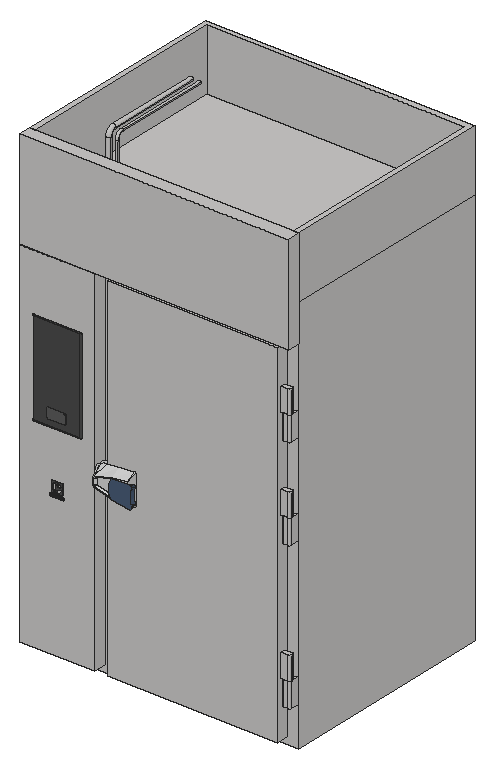
Revit family "QF_ELECTROLUXPROFESSIONAL_727823_EBCA22LRE", category Specialty Equipment, Revit 2018
Family settings
  Round Connector Dimension = Use Radius
  Part Type = Normal
  Work Plane-Based = No
  Always vertical = Yes
  Cut with Voids When Loaded = No
  Shared = Yes
  Room Calculation Point = No
Parameters
  Weight = 0.00 kg
  Watts = 0 W
  Volts = 380 V
  URL Manufacturer = "http://professional.electrolux.com"
  URL = "http://professional.electrolux.com"
  Steam Supply Size = 0"
  Steam Supply Minimum Pressure = 0.00 psi
  Steam Supply Maximum Pressure = 0.00 psi
  Steam Pounds per Hour = 0
  Show Logo [instance] = yes
  Refrigeration Suction Line Size = 0"
  Refrigeration Liquid Line Size = 0"
  Refrigerant Compressor Remote = yes
  Phase = 3
  Model = "EBCA22LRE"
  Manufacturer = "Electrolux"
  Length Actual = 1400 mm  # constant formula
  Item Number = "727823"
  Hot Water Size = 0"
  Height Actual = 2270 mm  # constant formula
  HP = "8.6 HP"
  Gas Size = 0"
  Gas KW = 0
  Gas Input Pressure = 0.0 Btu/h
  Direct Waste Size = 0"
  Description = "SKYLINE CHILLS BLAST CHILLER 150KG 20 GN 2/1 - REMOTE REFRIGERATING UNIT"
  Depth Actual = 1266 mm  # constant formula
  Cycle = 60 Hz
  Condensate Return Size = 0"
  Compressed Air Volume = 0 GPM
  Compressed Air Size = 0"
  Compressed Air Pressure = 0.00 psi
  Cold Water Size = 0"
  Assembly Code = ""
  Show Clearance [instance] = yes
  Accessory = yes
Reference planes
  plane 1 "BACK": y = 1
  plane 2: z = 0
  plane 3 "LEFT": x = 0
  plane 4 "RIGHT": x = 1400
  plane 5 "FRONT": y = -1205
  plane 6 "TOP": z = 2400
  plane 7 "Center Y": x = 700
  plane 8: y = -2155
  plane 9: y = -602
Forms (mm)
  Extrusion 1, solid, material "QF_Clearance", visible <- "Show Clearance", detail levels coarse
    sketch origin (0, 0, -70) x (1, 0, 0) y (0, 1, 0)
      loop
        line (0, -1205) -> (0, 1) -> (1400, 1) -> (1400, -1205) -> (1500, -1205) -> (1500, 101) -> (-100, 101) -> (-100, -1205) -> (0, -1205)
    from 70 to 2670
  Extrusion 2, solid, material "QF_Finishes_Stainless Steel"
    sketch origin (349.253, 33, 630.991) x (-1, 0, 0) y (0, -1, 0)
      loop
        line (349.253, 1172.759) -> (349.253, 1238) -> (-39.747, 1238) -> (-39.747, 1172.759) -> (349.253, 1172.759)
    from -597 to 1254
  Extrusion 3, solid, material "QF_Finishes_Stainless Steel"
    sketch origin (596.16, 27.971, -70) x (1, 0, 0) y (0, 1, 0)
      loop
        line (743.84, -1172.971) -> (-141.16, -1172.971) -> (-141.16, -1232.971) -> (743.84, -1232.971) -> (743.84, -1172.971)
    from 103.991 to 1945.25
  Extrusion 4, solid, material "QF_Door-Drawer Clearances", visible <- "Show Clearance", detail levels coarse
    sketch origin (875, -72.029, -91.802) x (-1, 0, 0) y (0, -1, 0)
      loop
        line (-465, 2025.971) -> (-465, 1132.971) -> (420, 1132.971)
        arc (420, 1132.971) -> (153.836, 1754.227) -> (-465, 2025.971) r 920
    from 125.793 to 1967.052
  Extrusion 5, solid, material "QF_Finishes_Stainless Steel"
    sketch origin (0, -1139.759, 0) x (0, 1, 0) y (-1, 0, 0)
      loop
        line (1140.759, 0) -> (0.759, 0) -> (0.759, -1400) -> (1140.759, -1400) -> (1140.759, 0)
    from 0 to 2080
  Extrusion 6, solid, material "QF_Finishes_Stainless Steel"
    sketch origin (0, 0, -70) x (0, 1, 0) y (0, 0, 1)
      loop
        line (-1139, 2470) -> (-1205, 2470) -> (-1205, 1956) -> (-1139, 1956) -> (-1139, 2470)
    from 0 to 1400
  Extrusion 7, solid, material "QF_Finishes_Stainless Steel"
    sketch origin (0, -1139.759, 2080) x (0, 1, 0) y (-1, 0, 0)
      loop
        line (1140.759, 0) -> (0.759, 0) -> (0.759, -27.807) -> (1112.952, -27.807) -> (1112.952, -1372.193) -> (0.759, -1372.193) -> (0.759, -1400) -> (1140.759, -1400) -> (1140.759, 0)
    from 0 to 320
  Extrusion 8, solid, material "QF_Clearance", visible <- "Show Clearance", detail levels coarse
    sketch origin (0, 0, 2400) x (-1, 0, 0) y (0, -1, 0)
      loop
        line (0, 1205) -> (-1400, 1205) -> (-1400, -1) -> (0, -1) -> (0, 1205)
    from 0 to 200
  Extrusion 9, solid, material "QF_Finishes_Stainless Steel"
    sketch origin (-390.239, -0.977, 1172.559) x (1, 0, 0) y (0, 1, 0)
      loop
        line (1730.239, -1159.557) -> (1730.239, -1186.759) -> (1771.078, -1186.759)
        arc (1771.078, -1186.759) -> (1778.149, -1183.83) -> (1781.078, -1176.759) r 10
        line (1781.078, -1176.759) -> (1781.078, -1169.557)
        arc (1781.078, -1169.557) -> (1778.149, -1162.486) -> (1771.078, -1159.557) r 10
        line (1771.078, -1159.557) -> (1730.239, -1159.557)
    from 398 to 516
  Extrusion 10, solid, material "QF_Finishes_Stainless Steel"
    sketch origin (-388.989, -0.977, 1172.559) x (1, 0, 0) y (0, 1, 0)
      loop
        line (1779.828, -1138.023) -> (1738.215, -1138.023) -> (1738.215, -1176.759)
        arc (1738.215, -1176.759) -> (1741.143, -1183.83) -> (1748.215, -1186.759) r 10
        line (1748.215, -1186.759) -> (1769.828, -1186.759)
        arc (1769.828, -1186.759) -> (1776.899, -1183.83) -> (1779.828, -1176.759) r 10
        line (1779.828, -1176.759) -> (1779.828, -1138.023)
    from 269 to 396
  Extrusion 11, solid, material "QF_Finishes_Handrails and Railings"
    sketch origin (0, -1205, -139.705) x (-1, 0, 0) y (0, 0, 1)
      loop
        arc (-455, 1022.346) -> (-433.392, 1027.289) -> (-413, 1035.976) r 124.815
        arc (-413, 1035.976) -> (-402.037, 1046.425) -> (-398, 1061.023) r 28.412
        line (-398, 1061.023) -> (-398, 1124.287)
        arc (-398, 1124.287) -> (-402.037, 1138.885) -> (-413, 1149.334) r 28.412
        arc (-413, 1149.334) -> (-433.392, 1158.021) -> (-455, 1162.964) r 124.815
        line (-455, 1162.964) -> (-455, 1022.346)
    from 0 to 25
  Extrusion 12, solid, material "QF_Finishes_Stainless Steel"
    sketch origin (0, 1, -70) x (1, 0, 0) y (0, 0, 1)
      loop
        circle (50.191, 2279.706) r 10
    from -2 to 0
  Extrusion 13, solid
    sketch origin (0, 0, -70) x (1, 0, 0) y (0, 1, 0)
      loop
        circle (271, -895) r 12.7
    from 180 to 190
  Sweep 14, solid, material "QF_Finishes_Stainless Steel"
    path in 3D
      loop
        line (196, -872.727, 2090) -> (196, -872.727, 2314.785)
        arc (196, -872.727, 2314.785) -> (196, -863.94, 2335.999) -> (196, -842.727, 2344.785) r 30
        line (196, -842.727, 2344.785) -> (196, -337, 2344.785)
    profile origin (196, -589.864, 2344.785) x (-1, 0, 0) y (0, 0, 1)
      loop
        circle (0, -0.785) r 11
  Sweep 15, solid, material "QF_Finishes_Stainless Steel"
    path in 3D
      loop
        line (239, -337, 2344) -> (239, -842.727, 2344)
        arc (239, -842.727, 2344) -> (239, -863.94, 2335.213) -> (239, -872.727, 2314) r 30
        line (239, -872.727, 2314) -> (239, -872.727, 2090)
    profile origin (239, -589.864, 2344) x (1, 0, 0) y (0, 0, 1)
      loop
        circle (0, 0) r 6
  Extrusion 16, solid, material "QF_Finishes_Stainless Steel"
    sketch origin (0, -1139.759, 2080) x (0, 1, 0) y (-1, 0, 0)
      loop
        line (272.791, -163.68) -> (262.791, -163.68)
        arc (262.791, -163.68) -> (252.185, -168.074) -> (247.791, -178.68) r 15
        line (247.791, -178.68) -> (247.791, -270.358)
        arc (247.791, -270.358) -> (252.185, -280.965) -> (262.791, -285.358) r 15
        line (262.791, -285.358) -> (272.791, -285.358)
        arc (272.791, -285.358) -> (283.398, -280.965) -> (287.791, -270.358) r 15
        line (287.791, -270.358) -> (287.791, -178.68)
        arc (287.791, -178.68) -> (283.398, -168.074) -> (272.791, -163.68) r 15
    from 0 to 10
  Blend 17, solid, material "QF_Finishes_Handrails and Railings"
    base sketch origin (0, -1205, -139.705) x (1, 0, 0) y (0, 0, 1)
      loop
        arc (455, 1162.964) -> (433.392, 1158.021) -> (413, 1149.334) r 124.815
        arc (413, 1149.334) -> (402.037, 1138.885) -> (398, 1124.287) r 28.412
        line (398, 1124.287) -> (398, 1061.023)
        arc (398, 1061.023) -> (402.037, 1046.425) -> (413, 1035.976) r 28.412
        arc (413, 1035.976) -> (433.392, 1027.289) -> (455, 1022.346) r 124.815
        arc (455, 1022.346) -> (524.77, 1014.896) -> (594.859, 1011.587) r 1185.63
        arc (594.859, 1011.587) -> (600.607, 1013.879) -> (603, 1019.586) r 8
        line (603, 1019.586) -> (603, 1165.724)
        arc (603, 1165.724) -> (600.607, 1171.431) -> (594.859, 1173.723) r 8
        arc (594.859, 1173.723) -> (524.77, 1170.414) -> (455, 1162.964) r 1185.63
    top sketch origin (0, -1205, -139.705) x (1, 0, 0) y (0, 0, 1)
      loop
        line (421, 1108.337) -> (421, 1076.973)
        arc (421, 1076.973) -> (423.295, 1069.915) -> (429.302, 1065.557) r 12
        arc (429.302, 1065.557) -> (515.086, 1044.22) -> (603, 1034.974) r 636.459
        line (603, 1034.974) -> (603, 1150.336)
        arc (603, 1150.336) -> (515.086, 1141.09) -> (429.302, 1119.753) r 636.459
        arc (429.302, 1119.753) -> (423.295, 1115.395) -> (421, 1108.337) r 12
    from 0 to 50
  Blend 18, void
    base sketch origin (0, -1255, -139.705) x (-1, 0, 0) y (0, 0, 1)
      loop
        arc (-430.843, 1114.996) -> (-515.866, 1136.151) -> (-603, 1145.333) r 631.459
        line (-603, 1145.333) -> (-603, 1039.977)
        arc (-603, 1039.977) -> (-515.866, 1049.159) -> (-430.843, 1070.314) r 631.459
        arc (-430.843, 1070.314) -> (-427.339, 1072.856) -> (-426, 1076.973) r 7
        line (-426, 1076.973) -> (-426, 1108.337)
        arc (-426, 1108.337) -> (-427.339, 1112.454) -> (-430.843, 1114.996) r 7
    top sketch origin (0, -1255, -139.705) x (-1, 0, 0) y (0, 0, 1)
      loop
        arc (-432.384, 1110.24) -> (-516.647, 1131.211) -> (-603, 1140.33) r 626.459
        line (-603, 1140.33) -> (-603, 1044.98)
        arc (-603, 1044.98) -> (-516.647, 1054.099) -> (-432.384, 1075.07) r 626.459
        arc (-432.384, 1075.07) -> (-431.382, 1075.797) -> (-431, 1076.973) r 2
        line (-431, 1076.973) -> (-431, 1108.337)
        arc (-431, 1108.337) -> (-431.382, 1109.513) -> (-432.384, 1110.24) r 2
    from 0 to 10
  Blend 19, solid, material "QF_Finishes_Electrolux_Blue"
    base sketch origin (0, -1245, -139.705) x (1, 0, 0) y (0, 0, 1)
      loop
        arc (628.567, 1043.419) -> (622.014, 1092.655) -> (628.567, 1141.89) r 188.232
        arc (628.567, 1141.89) -> (627.358, 1147.991) -> (621.77, 1150.721) r 7
        arc (621.77, 1150.721) -> (572.304, 1148.509) -> (523.16, 1142.458) r 636.459
        arc (523.16, 1142.458) -> (507.711, 1092.655) -> (523.16, 1042.852) r 88
        arc (523.16, 1042.852) -> (572.304, 1036.801) -> (621.77, 1034.589) r 636.459
        arc (621.77, 1034.589) -> (627.358, 1037.319) -> (628.567, 1043.419) r 7
    top sketch origin (0, -1245, -139.705) x (1, 0, 0) y (0, 0, 1)
      loop
        arc (626.748, 1050.703) -> (622.014, 1092.655) -> (626.748, 1134.607) r 188.232
        arc (626.748, 1134.607) -> (625.775, 1138.85) -> (621.845, 1140.722) r 5
        arc (621.845, 1140.722) -> (569.023, 1138.185) -> (516.603, 1131.203) r 626.459
        arc (516.603, 1131.203) -> (507.711, 1092.655) -> (516.603, 1054.107) r 88
        arc (516.603, 1054.107) -> (569.023, 1047.124) -> (621.845, 1044.588) r 626.459
        arc (621.845, 1044.588) -> (625.775, 1046.46) -> (626.748, 1050.703) r 5
    from 20 to 0
  Extrusion 20, solid, material "QF_Finishes_Stainless Steel"
    sketch origin (-390.239, -0.977, 692.559) x (1, 0, 0) y (0, 1, 0)
      loop
        line (1730.239, -1159.557) -> (1730.239, -1186.759) -> (1771.078, -1186.759)
        arc (1771.078, -1186.759) -> (1778.149, -1183.83) -> (1781.078, -1176.759) r 10
        line (1781.078, -1176.759) -> (1781.078, -1169.557)
        arc (1781.078, -1169.557) -> (1778.149, -1162.486) -> (1771.078, -1159.557) r 10
        line (1771.078, -1159.557) -> (1730.239, -1159.557)
    from 398 to 516
  Extrusion 21, solid, material "QF_Finishes_Stainless Steel"
    sketch origin (-388.989, -0.977, 692.559) x (1, 0, 0) y (0, 1, 0)
      loop
        line (1779.828, -1138.023) -> (1738.215, -1138.023) -> (1738.215, -1176.759)
        arc (1738.215, -1176.759) -> (1741.143, -1183.83) -> (1748.215, -1186.759) r 10
        line (1748.215, -1186.759) -> (1769.828, -1186.759)
        arc (1769.828, -1186.759) -> (1776.899, -1183.83) -> (1779.828, -1176.759) r 10
        line (1779.828, -1176.759) -> (1779.828, -1138.023)
    from 269 to 396
  Extrusion 22, solid, material "QF_Finishes_Stainless Steel"
    sketch origin (-390.239, -0.977, -67.441) x (1, 0, 0) y (0, 1, 0)
      loop
        line (1730.239, -1159.557) -> (1730.239, -1186.759) -> (1771.078, -1186.759)
        arc (1771.078, -1186.759) -> (1778.149, -1183.83) -> (1781.078, -1176.759) r 10
        line (1781.078, -1176.759) -> (1781.078, -1169.557)
        arc (1781.078, -1169.557) -> (1778.149, -1162.486) -> (1771.078, -1159.557) r 10
        line (1771.078, -1159.557) -> (1730.239, -1159.557)
    from 398 to 516
  Extrusion 23, solid, material "QF_Finishes_Stainless Steel"
    sketch origin (-388.989, -0.977, -67.441) x (1, 0, 0) y (0, 1, 0)
      loop
        line (1779.828, -1138.023) -> (1738.215, -1138.023) -> (1738.215, -1176.759)
        arc (1738.215, -1176.759) -> (1741.143, -1183.83) -> (1748.215, -1186.759) r 10
        line (1748.215, -1186.759) -> (1769.828, -1186.759)
        arc (1769.828, -1186.759) -> (1776.899, -1183.83) -> (1779.828, -1176.759) r 10
        line (1779.828, -1176.759) -> (1779.828, -1138.023)
    from 269 to 396
  Extrusion 24, solid, material "QF_Door-Drawer Clearances", visible <- "Show Clearance", detail levels coarse
    sketch origin (167.029, -1956.84, -70) x (0, 1, 0) y (-1, 0, 0)
      loop
        line (751.84, -1172.971) -> (-141.16, -1172.971) -> (-141.16, -1232.971) -> (751.84, -1232.971) -> (751.84, -1172.971)
    from 103.991 to 1945.25
  Extrusion 25, solid, material "QF_Door-Drawer Clearances", visible <- "Show Clearance", detail levels coarse
    sketch origin (1400, -2553, -139.705) x (0, -1, 0) y (0, 0, 1)
      loop
        arc (-455, 1022.346) -> (-433.392, 1027.289) -> (-413, 1035.976) r 124.815
        arc (-413, 1035.976) -> (-402.037, 1046.425) -> (-398, 1061.023) r 28.412
        line (-398, 1061.023) -> (-398, 1124.287)
        arc (-398, 1124.287) -> (-402.037, 1138.885) -> (-413, 1149.334) r 28.412
        arc (-413, 1149.334) -> (-433.392, 1158.021) -> (-455, 1162.964) r 124.815
        line (-455, 1162.964) -> (-455, 1022.346)
    from 0 to 25
  Blend 26, solid, material "QF_Door-Drawer Clearances", visible <- "Show Clearance", detail levels coarse
    base sketch origin (1400, -2553, -139.705) x (0, 1, 0) y (0, 0, 1)
      loop
        arc (455, 1162.964) -> (433.392, 1158.021) -> (413, 1149.334) r 124.815
        arc (413, 1149.334) -> (402.037, 1138.885) -> (398, 1124.287) r 28.412
        line (398, 1124.287) -> (398, 1061.023)
        arc (398, 1061.023) -> (402.037, 1046.425) -> (413, 1035.976) r 28.412
        arc (413, 1035.976) -> (433.392, 1027.289) -> (455, 1022.346) r 124.815
        arc (455, 1022.346) -> (524.77, 1014.896) -> (594.859, 1011.587) r 1185.63
        arc (594.859, 1011.587) -> (600.607, 1013.879) -> (603, 1019.586) r 8
        line (603, 1019.586) -> (603, 1165.724)
        arc (603, 1165.724) -> (600.607, 1171.431) -> (594.859, 1173.723) r 8
        arc (594.859, 1173.723) -> (524.77, 1170.414) -> (455, 1162.964) r 1185.63
    top sketch origin (1400, -2553, -139.705) x (0, 1, 0) y (0, 0, 1)
      loop
        line (421, 1108.337) -> (421, 1076.973)
        arc (421, 1076.973) -> (423.295, 1069.915) -> (429.302, 1065.557) r 12
        arc (429.302, 1065.557) -> (515.086, 1044.22) -> (603, 1034.974) r 636.459
        line (603, 1034.974) -> (603, 1150.336)
        arc (603, 1150.336) -> (515.086, 1141.09) -> (429.302, 1119.753) r 636.459
        arc (429.302, 1119.753) -> (423.295, 1115.395) -> (421, 1108.337) r 12
    from 0 to 50
  Blend 27, void
    base sketch origin (1450, -2553, -139.705) x (0, -1, 0) y (0, 0, 1)
      loop
        arc (-430.843, 1114.996) -> (-515.866, 1136.151) -> (-603, 1145.333) r 631.459
        line (-603, 1145.333) -> (-603, 1039.977)
        arc (-603, 1039.977) -> (-515.866, 1049.159) -> (-430.843, 1070.314) r 631.459
        arc (-430.843, 1070.314) -> (-427.339, 1072.856) -> (-426, 1076.973) r 7
        line (-426, 1076.973) -> (-426, 1108.337)
        arc (-426, 1108.337) -> (-427.339, 1112.454) -> (-430.843, 1114.996) r 7
    top sketch origin (1450, -2553, -139.705) x (0, -1, 0) y (0, 0, 1)
      loop
        arc (-432.384, 1110.24) -> (-516.647, 1131.211) -> (-603, 1140.33) r 626.459
        line (-603, 1140.33) -> (-603, 1044.98)
        arc (-603, 1044.98) -> (-516.647, 1054.099) -> (-432.384, 1075.07) r 626.459
        arc (-432.384, 1075.07) -> (-431.382, 1075.797) -> (-431, 1076.973) r 2
        line (-431, 1076.973) -> (-431, 1108.337)
        arc (-431, 1108.337) -> (-431.382, 1109.513) -> (-432.384, 1110.24) r 2
    from 0 to 10
  Blend 28, solid, material "QF_Door-Drawer Clearances", visible <- "Show Clearance", detail levels coarse
    base sketch origin (1440, -2553, -139.705) x (0, 1, 0) y (0, 0, 1)
      loop
        arc (628.567, 1043.419) -> (622.014, 1092.655) -> (628.567, 1141.89) r 188.232
        arc (628.567, 1141.89) -> (627.358, 1147.991) -> (621.77, 1150.721) r 7
        arc (621.77, 1150.721) -> (572.304, 1148.509) -> (523.16, 1142.458) r 636.459
        arc (523.16, 1142.458) -> (507.711, 1092.655) -> (523.16, 1042.852) r 88
        arc (523.16, 1042.852) -> (572.304, 1036.801) -> (621.77, 1034.589) r 636.459
        arc (621.77, 1034.589) -> (627.358, 1037.319) -> (628.567, 1043.419) r 7
    top sketch origin (1440, -2553, -139.705) x (0, 1, 0) y (0, 0, 1)
      loop
        arc (626.748, 1050.703) -> (622.014, 1092.655) -> (626.748, 1134.607) r 188.232
        arc (626.748, 1134.607) -> (625.775, 1138.85) -> (621.845, 1140.722) r 5
        arc (621.845, 1140.722) -> (569.023, 1138.185) -> (516.603, 1131.203) r 626.459
        arc (516.603, 1131.203) -> (507.711, 1092.655) -> (516.603, 1054.107) r 88
        arc (516.603, 1054.107) -> (569.023, 1047.124) -> (621.845, 1044.588) r 626.459
        arc (621.845, 1044.588) -> (625.775, 1046.46) -> (626.748, 1050.703) r 5
    from 20 to -1
Cuts and joins
  Blend 18 cuts Blend 17
  joined: Extrusion 11, Blend 17
  Blend 18 cuts Extrusion 4
  Blend 27 cuts Blend 26
  Blend 27 cuts Blend 28
  joined: Extrusion 4, Extrusion 24, Extrusion 25, Blend 26, Blend 28
  joined: Extrusion 7, Extrusion 12
  joined: Extrusion 5, Extrusion 10, Sweep 14, Sweep 15, Extrusion 16, Extrusion 21, Extrusion 23
  joined: Extrusion 3, Extrusion 9, Extrusion 20, Extrusion 22
  joined: Extrusion 1, Extrusion 8
Lines and regions (mm)
  symbolic lines, style "QF-Clearances", visible <- "Show Clearance", detail levels coarse
    curve 1: line (-100, -1204.241, 70) -> (-100, 101, 70)
    curve 2: line (-100, 101, 70) -> (1500, 101, 70)
    curve 3: line (1500, 101, 70) -> (1500, -1204.241, 70)
  symbolic lines
    curve 4: line (185, -336.968, 70) -> (207, -336.968, 70)
    curve 5: line (207, -336.968, 70) -> (207, -871.942, 70)
    curve 6: line (233, -872.727, 70) -> (233, -337, 70)
    curve 7: line (233, -337, 70) -> (245, -337, 70)
    curve 8: line (245, -337, 70) -> (245, -872.727, 70)
    curve 9: line (245, -851.968, 70) -> (270.358, -851.968, 70)
    curve 10: arc (285.358, -866.968, 70) -> (280.965, -856.361, 70) -> (270.358, -851.968, 70) r 15
    curve 11: line (285.358, -876.968, 70) -> (285.358, -866.968, 70)
    curve 12: arc (270.358, -891.968, 70) -> (280.965, -887.575, 70) -> (285.358, -876.968, 70) r 15
    curve 13: line (178.68, -891.968, 70) -> (270.358, -891.968, 70)
    curve 14: arc (163.68, -876.968, 70) -> (168.074, -887.575, 70) -> (178.68, -891.968, 70) r 15
    curve 15: line (163.68, -866.968, 70) -> (163.68, -876.968, 70)
    curve 16: arc (178.68, -851.968, 70) -> (168.074, -856.361, 70) -> (163.68, -866.968, 70) r 15
    curve 17: arc (207, -871.942, 70) -> (196, -882.942, 70) -> (185, -871.942, 70) r 11
    curve 18: arc (233, -872.727, 70) -> (239, -878.727, 70) -> (245, -872.727, 70) r 6
    curve 19: line (178.68, -851.968, 70) -> (185, -851.968, 70)
    curve 20: line (185, -336.968, 70) -> (185, -871.942, 70)
    curve 21: line (207, -851.968, 70) -> (233, -851.968, 70)
    curve 22: line (0, 1, 70) -> (1400, 1, 70)
    curve 23: line (0, -1205, 70) -> (0, 1, 70)
    curve 24: line (1400, -1205, 70) -> (0, -1205, 70)
    curve 25: line (1400, 1, 70) -> (1400, -1205, 70)
    curve 26: line (27.807, -26.807, 70) -> (1372.193, -26.807, 70)
    curve 27: line (27.807, -1139, 70) -> (27.807, -26.807, 70)
    curve 28: line (1400, -1139, 70) -> (0, -1139, 70)
    curve 29: line (1372.193, -26.807, 70) -> (1372.193, -1139, 70)
    curve 30: line (75.5, -1210, 70) -> (313.5, -1210, 70)
    curve 31: line (75.5, -1210, 70) -> (67.5, -1205, 70)
    curve 32: line (313.5, -1210, 70) -> (321.5, -1205, 70)
    curve 33: line (421, -1255, 70) -> (398, -1205, 70)
    curve 34: line (421, -1255, 70) -> (603, -1255, 70)
    curve 35: line (603, -1255, 70) -> (603, -1205, 70)
    curve 36: line (603, -1245, 70) -> (626.748, -1245, 70)
    curve 37: line (626.748, -1245, 70) -> (628.811, -1265, 70)
    curve 38: line (628.811, -1265, 70) -> (507.711, -1265, 70)
    curve 39: line (507.711, -1265, 70) -> (507.711, -1255, 70)
  symbolic lines, style "QF_Door-Drawer Clearances", visible <- "Show Clearance"
    curve 40: line (1450, -2132, 70) -> (1400, -2155, 70)
    curve 41: line (1450, -2132, 70) -> (1450, -1950, 70)
    curve 42: line (1450, -1950, 70) -> (1400, -1950, 70)
    curve 43: line (1439, -1950, 70) -> (1439, -1926.126, 70)
    curve 44: line (1439, -1926.126, 70) -> (1460, -1924.189, 70)
    curve 45: line (1460, -1924.189, 70) -> (1460, -2045.289, 70)
    curve 46: line (1460, -2045.289, 70) -> (1450, -2045.289, 70)
    curve 47: line (1375, -2098, 70) -> (1375, -2155, 70)
    curve 48: line (1340, -2098, 70) -> (1400, -2098, 70)
    curve 49: arc (457.796, -1255, 70) -> (739.031, -1843.801, 70) -> (1340, -2098, 70) r 920
    curve 50: line (1400, -2155, 70) -> (1375, -2155, 70)
    curve 51: line (1400, -2098, 70) -> (1400, -1205, 70)
    curve 58: line (1340, -2098, 70) -> (1340, -1205, 70)
  sketch lines
    curve 52: line (196, -842.727, 2344.785) -> (196, -337, 2344.785)
    curve 53: arc (196, -872.727, 2314.785) -> (196, -863.94, 2335.999) -> (196, -842.727, 2344.785) r 30
    curve 54: line (196, -872.727, 2090) -> (196, -872.727, 2314.785)
    curve 55: line (239, -337, 2344) -> (239, -842.727, 2344)
    curve 56: arc (239, -842.727, 2344) -> (239, -863.94, 2335.213) -> (239, -872.727, 2314) r 30
    curve 57: line (239, -872.727, 2314) -> (239, -872.727, 2090)
Dimensions and locks
  plane 5 "FRONT" to plane 1 "BACK" = 1206 mm
  plane 6 "TOP" to level = 2400 mm
  plane 4 "RIGHT" to plane 3 "LEFT" = 1400 mm
  plane 3 "LEFT" to plane 4 "RIGHT" = 1400 mm
  equal spacing: plane 3 "LEFT", plane 7 "Center Y", plane 4 "RIGHT"
  plane 1 "BACK" to plane 5 "FRONT" = 1206 mm
  aligned and locked: level to plane 2
Automatic sketch dimensions
  plane 5 "FRONT" to Extrusion 1 sketch curve = 0 mm  (x2)
  Extrusion 1 sketch curve to plane 3 "LEFT" = 0 mm
  plane 1 "BACK" to Extrusion 1 sketch curve = 0 mm
  Extrusion 1 sketch curve to plane 4 "RIGHT" = 0 mm
  Extrusion 1 sketch curve to plane 3 "LEFT" = 100 mm
  plane 4 "RIGHT" to Extrusion 1 sketch curve = 100 mm
  Extrusion 1 sketch curve to plane 1 "BACK" = 100 mm
  plane 5 "FRONT" to Extrusion 2 sketch curve = 0 mm
  Extrusion 2 sketch curve to plane 3 "LEFT" = 0 mm
  Extrusion 2 sketch curve to plane 5 "FRONT" = 65.241 mm
  plane 5 "FRONT" to Extrusion 3 sketch curve = 0 mm
  Extrusion 3 sketch curve to plane 5 "FRONT" = 60 mm
  Extrusion 3 sketch curve to plane 4 "RIGHT" = 60 mm
  plane 5 "FRONT" to Extrusion 4 sketch curve = 0 mm
  Extrusion 4 sketch curve to plane 4 "RIGHT" = 25.377 mm
  Extrusion 4 sketch curve to Extrusion 4 sketch curve = 34.623 mm
  Extrusion 4 sketch curve to plane 5 "FRONT" = 26.348 mm
  Extrusion 5 sketch curve to plane 3 "LEFT" = 0 mm
  Extrusion 5 sketch curve to plane 4 "RIGHT" = 0 mm
  plane 1 "BACK" to Extrusion 5 sketch curve = 0 mm
  Extrusion 5 sketch curve to plane 5 "FRONT" = 66 mm
  Extrusion 6 sketch curve to plane 5 "FRONT" = 0 mm
  Extrusion 6 sketch curve to plane 5 "FRONT" = 66 mm
  Extrusion 6 sketch curve to plane 6 "TOP" = 514 mm
  plane 6 "TOP" to Extrusion 6 sketch curve = 0 mm
  Extrusion 5 to Extrusion 7 sketch curve = 0 mm
  Extrusion 7 sketch curve to Extrusion 5 = 0 mm  (x4)
  Extrusion 7 sketch curve to Extrusion 5 = 27.807 mm  (x3)
  Extrusion 8 sketch curve to plane 4 "RIGHT" = 0 mm
  plane 1 "BACK" to Extrusion 8 sketch curve = 0 mm
  Extrusion 8 sketch curve to plane 3 "LEFT" = 0 mm
  plane 5 "FRONT" to Extrusion 8 sketch curve = 0 mm
  Extrusion 9 sketch curve to plane 5 "FRONT" = 17.264 mm
  Extrusion 9 sketch curve to plane 4 "RIGHT" = 60 mm
  Extrusion 9 sketch curve to plane 4 "RIGHT" = 19.161 mm
  Extrusion 9 sketch curve to Extrusion 9 sketch curve = 0 mm
  Extrusion 9 sketch curve to plane 4 "RIGHT" = 9.161 mm
  Extrusion 9 sketch curve to Extrusion 9 sketch curve = 7.202 mm
  Extrusion 10 sketch curve to plane 5 "FRONT" = 27.264 mm
  Extrusion 10 sketch curve to plane 4 "RIGHT" = 50.775 mm
  Extrusion 10 sketch curve to Extrusion 10 sketch curve = 10 mm
  Extrusion 10 sketch curve to plane 4 "RIGHT" = 19.161 mm
  Extrusion 10 sketch curve to plane 4 "RIGHT" = 9.161 mm
  Extrusion 10 sketch curve to Extrusion 10 sketch curve = 38.736 mm
  plane 7 "Center Y" to Extrusion 11 sketch curve = 228.081 mm
  Extrusion 11 sketch curve to Extrusion 11 sketch curve = 0 mm
  Extrusion 11 sketch curve to Extrusion 11 sketch curve = 16.919 mm
  Extrusion 11 sketch curve to Extrusion 11 sketch curve = 28.588 mm  (x2)
  Extrusion 11 sketch curve to Extrusion 11 sketch curve = 28.412 mm
  level to Extrusion 11 sketch curve = 882.641 mm
  Extrusion 11 sketch curve to Extrusion 11 sketch curve = 16.954 mm  (x2)
  Extrusion 11 sketch curve to Extrusion 11 sketch curve = 38.676 mm
  Extrusion 11 sketch curve to Extrusion 11 sketch curve = 63.265 mm
  Extrusion 11 sketch curve to Extrusion 11 sketch curve = 21.722 mm
  plane 3 "LEFT" to Extrusion 12 sketch curve = 50.191 mm
  Extrusion 12 sketch curve to plane 6 "TOP" = 190.294 mm
  Extrusion 13 sketch curve to plane 9 = 293 mm
  Sweep 14 sketch curve to profile plane = 0 mm
  Sweep 14 sketch curve to profile plane = 0.785 mm
  profile plane to Sweep 15 sketch curve = 0 mm
  Sweep 15 sketch curve to profile plane = 0 mm
  Extrusion 16 sketch curve to Extrusion 5 = 247.032 mm
  Extrusion 16 sketch curve to Extrusion 16 sketch curve = 15 mm  (x3)
  Extrusion 16 sketch curve to Extrusion 16 sketch curve = 10 mm  (x2)
  Extrusion 16 sketch curve to Extrusion 5 = 285.358 mm
  Extrusion 16 sketch curve to Extrusion 16 sketch curve = 91.678 mm
  Blend 17 sketch curve to Extrusion 11 = 0 mm  (x4)
  Blend 17 sketch curve to Extrusion 11 = 28.412 mm
  Blend 17 sketch curve to Blend 17 sketch curve = 123.081 mm  (x2)
  Blend 17 sketch curve to Blend 17 sketch curve = 8 mm
  Extrusion 11 to Blend 17 sketch curve = 160.712 mm  (x2)
  Blend 17 sketch curve to Blend 17 sketch curve = 19.715 mm  (x2)
  Blend 17 sketch curve to Blend 17 sketch curve = 38.676 mm
  Blend 17 sketch curve to Extrusion 11 = 23 mm
  Blend 17 sketch curve to Blend 17 sketch curve = 12 mm  (x2)
  Extrusion 11 to Blend 17 sketch curve = 148 mm
  Extrusion 11 to Blend 17 sketch curve = 170.45 mm  (x2)
  Blend 17 sketch curve to Blend 17 sketch curve = 520.701 mm  (x2)
  Blend 17 sketch curve to Blend 17 sketch curve = 41.999 mm
  Blend 17 sketch curve to Blend 17 sketch curve = 31.364 mm
  Blend 17 sketch curve to Blend 17 sketch curve = 115.362 mm
  Blend 17 to Blend 18 sketch curve = 0 mm  (x2)
  Blend 18 sketch curve to Blend 18 sketch curve = 7 mm
  Blend 18 sketch curve to Blend 18 sketch curve = 31.364 mm  (x2)
  Blend 18 sketch curve to Blend 18 sketch curve = 2 mm
  Blend 18 to Blend 19 sketch curve = 18.811 mm  (x2)
  Blend 19 sketch curve to Blend 18 = 7.289 mm  (x2)
  Blend 19 sketch curve to Blend 19 sketch curve = 188.435 mm
  Blend 19 sketch curve to Blend 19 sketch curve = 7 mm  (x2)
  Blend 19 sketch curve to Blend 19 sketch curve = 51.066 mm  (x2)
  Blend 19 sketch curve to Blend 19 sketch curve = 0 mm  (x6)
  Blend 19 sketch curve to Blend 18 = 79.84 mm
  Blend 18 to Blend 19 sketch curve = 18.874 mm  (x2)
  Blend 19 sketch curve to Blend 19 sketch curve = 188.371 mm
  Blend 19 sketch curve to Blend 19 sketch curve = 5 mm  (x2)
  Blend 19 sketch curve to Blend 19 sketch curve = 43.067 mm  (x2)
  Blend 19 sketch curve to Blend 18 = 85.603 mm
  Extrusion 20 sketch curve to plane 5 "FRONT" = 17.264 mm
  Extrusion 20 sketch curve to plane 4 "RIGHT" = 60 mm
  Extrusion 20 sketch curve to plane 4 "RIGHT" = 19.161 mm
  Extrusion 20 sketch curve to Extrusion 20 sketch curve = 0 mm
  Extrusion 20 sketch curve to plane 4 "RIGHT" = 9.161 mm
  Extrusion 20 sketch curve to Extrusion 20 sketch curve = 7.202 mm
  Extrusion 21 sketch curve to plane 5 "FRONT" = 27.264 mm
  Extrusion 21 sketch curve to plane 4 "RIGHT" = 50.775 mm
  Extrusion 21 sketch curve to Extrusion 21 sketch curve = 10 mm
  Extrusion 21 sketch curve to plane 4 "RIGHT" = 19.161 mm
  Extrusion 21 sketch curve to plane 4 "RIGHT" = 9.161 mm
  Extrusion 21 sketch curve to Extrusion 21 sketch curve = 38.736 mm
  Extrusion 22 sketch curve to plane 5 "FRONT" = 17.264 mm
  Extrusion 22 sketch curve to plane 4 "RIGHT" = 60 mm
  Extrusion 22 sketch curve to plane 4 "RIGHT" = 19.161 mm
  Extrusion 22 sketch curve to Extrusion 22 sketch curve = 0 mm
  Extrusion 22 sketch curve to plane 4 "RIGHT" = 9.161 mm
  Extrusion 22 sketch curve to Extrusion 22 sketch curve = 7.202 mm
  Extrusion 23 sketch curve to plane 5 "FRONT" = 27.264 mm
  Extrusion 23 sketch curve to plane 4 "RIGHT" = 50.775 mm
  Extrusion 23 sketch curve to Extrusion 23 sketch curve = 10 mm
  Extrusion 23 sketch curve to plane 4 "RIGHT" = 19.161 mm
  Extrusion 23 sketch curve to plane 4 "RIGHT" = 9.161 mm
  Extrusion 23 sketch curve to Extrusion 23 sketch curve = 38.736 mm
  Extrusion 24 sketch curve to plane 4 "RIGHT" = 0 mm
  plane 5 "FRONT" to Extrusion 24 sketch curve = 0 mm
  Extrusion 24 sketch curve to plane 8 = 57 mm
  Extrusion 24 sketch curve to plane 4 "RIGHT" = 60 mm
  Extrusion 25 sketch curve to plane 8 = 0 mm
  Extrusion 25 sketch curve to Extrusion 25 sketch curve = 28.412 mm  (x2)
  Extrusion 25 sketch curve to Extrusion 25 sketch curve = 28.588 mm
  Extrusion 25 sketch curve to Extrusion 25 sketch curve = 16.919 mm  (x2)
  level to Extrusion 25 sketch curve = 882.641 mm
  Extrusion 25 sketch curve to Extrusion 25 sketch curve = 16.954 mm  (x2)
  Extrusion 25 sketch curve to Extrusion 25 sketch curve = 38.676 mm
  Extrusion 25 sketch curve to Extrusion 25 sketch curve = 63.265 mm
  Extrusion 25 sketch curve to Extrusion 25 sketch curve = 21.722 mm
  Blend 26 sketch curve to Extrusion 25 = 0 mm  (x4)
  Blend 26 sketch curve to Extrusion 25 = 28.412 mm
  Blend 26 sketch curve to Blend 26 sketch curve = 123.081 mm  (x2)
  Blend 26 sketch curve to Blend 26 sketch curve = 8 mm
  Extrusion 25 to Blend 26 sketch curve = 160.712 mm  (x2)
  Blend 26 sketch curve to Blend 26 sketch curve = 19.715 mm  (x2)
  Blend 26 sketch curve to Blend 26 sketch curve = 38.676 mm
  Blend 26 sketch curve to Extrusion 25 = 23 mm
  Blend 26 sketch curve to Blend 26 sketch curve = 12 mm  (x2)
  Extrusion 25 to Blend 26 sketch curve = 148 mm
  Extrusion 25 to Blend 26 sketch curve = 170.45 mm  (x2)
  Blend 26 sketch curve to Blend 26 sketch curve = 520.701 mm  (x2)
  Blend 26 sketch curve to Blend 26 sketch curve = 41.999 mm
  Blend 26 sketch curve to Blend 26 sketch curve = 31.364 mm
  Blend 26 sketch curve to Blend 26 sketch curve = 115.362 mm
  Blend 27 sketch curve to Blend 26 = 0 mm  (x2)
  Blend 27 sketch curve to Blend 27 sketch curve = 7 mm
  Blend 27 sketch curve to Blend 27 sketch curve = 31.364 mm  (x2)
  Blend 27 sketch curve to Blend 27 sketch curve = 2 mm
  Blend 27 to Blend 28 sketch curve = 18.811 mm  (x2)
  Blend 28 sketch curve to Blend 27 = 7.289 mm  (x2)
  Blend 28 sketch curve to Blend 28 sketch curve = 188.435 mm
  Blend 28 sketch curve to Blend 28 sketch curve = 7 mm  (x2)
  Blend 28 sketch curve to Blend 28 sketch curve = 51.066 mm  (x2)
  Blend 28 sketch curve to Blend 28 sketch curve = 0 mm  (x6)
  Blend 28 sketch curve to Blend 27 = 79.84 mm
  Blend 27 to Blend 28 sketch curve = 18.874 mm  (x2)
  Blend 28 sketch curve to Blend 28 sketch curve = 188.371 mm
  Blend 28 sketch curve to Blend 28 sketch curve = 5 mm  (x2)
  Blend 28 sketch curve to Blend 28 sketch curve = 43.067 mm  (x2)
  Blend 28 sketch curve to Blend 27 = 85.603 mm
  plane 7 "Center Y" to Extrusion 2 sketch curve = 311 mm
  plane 7 "Center Y" to Extrusion 3 sketch curve = 245 mm
  plane 7 "Center Y" to Extrusion 4 sketch curve = 245 mm
  plane 3 "LEFT" to Extrusion 13 sketch curve = 271 mm
  plane 8 to curve 47 = 0 mm
  curve 42 to plane 4 "RIGHT" = 0 mm
  plane 5 "FRONT" to curve 33 = 0 mm
  curve 28 to plane 3 "LEFT" = 0 mm
  plane 1 "BACK" to curve 22 = 0 mm
  curve 50 to plane 4 "RIGHT" = 0 mm
  curve 41 to plane 8 = 23 mm
  curve 48 to plane 8 = 57 mm
  curve 48 to curve 46 = 52.711 mm
  curve 46 to curve 41 = 95.289 mm
  plane 4 "RIGHT" to curve 44 = 39 mm
  curve 43 to curve 44 = 23.874 mm
  curve 43 to curve 45 = 1.937 mm
  plane 5 "FRONT" to curve 37 = 60 mm
  plane 5 "FRONT" to curve 34 = 50 mm
  curve 37 to curve 37 = 20 mm
  plane 5 "FRONT" to curve 30 = 5 mm
  curve 49 to plane 5 "FRONT" = 26.348 mm
  plane 3 "LEFT" to curve 13 = 178.68 mm
  curve 13 to plane 9 = 289.968 mm
  curve 13 to curve 14 = 15 mm
  curve 12 to curve 11 = 15 mm
  curve 12 to curve 18 = 4.241 mm
  curve 14 to curve 17 = 5.026 mm
  curve 14 to curve 15 = 10 mm
  curve 12 to curve 11 = 10 mm
  curve 10 to curve 9 = 15 mm
  curve 16 to curve 19 = 15 mm
  plane 9 to curve 7 = 265 mm
  curve 6 to curve 5 = 0.032 mm
  plane 1 "BACK" to curve 26 = 27.807 mm
  curve 2 to plane 1 "BACK" = 100 mm
  curve 42 to curve 43 = 11 mm
  curve 45 to curve 43 = 21 mm
  plane 4 "RIGHT" to curve 2 = 100 mm
  curve 40 to curve 47 = 25 mm
  curve 49 to plane 4 "RIGHT" = 25.377 mm
  curve 29 to plane 4 "RIGHT" = 27.807 mm
  curve 47 to curve 48 = 35 mm
  plane 7 "Center Y" to curve 37 = 71.189 mm
  curve 37 to curve 36 = 2.062 mm
  curve 36 to curve 34 = 23.748 mm
  curve 39 to curve 49 = 49.915 mm
  curve 49 to curve 33 = 36.796 mm
  curve 33 to curve 30 = 107.5 mm
  curve 11 to curve 16 = 106.678 mm
  curve 12 to curve 8 = 25.358 mm
  curve 8 to curve 18 = 6 mm
  curve 6 to curve 4 = 26 mm
  curve 5 to curve 17 = 11 mm
  plane 3 "LEFT" to curve 30 = 75.5 mm
  plane 3 "LEFT" to curve 27 = 27.807 mm
  curve 1 to plane 3 "LEFT" = 100 mm
  curve 3 to plane 5 "FRONT" = 0.759 mm
  curve 1 to plane 5 "FRONT" = 0.759 mm
  curve 49 to curve 29 = 39.652 mm
  curve 17 to curve 21 = 19.974 mm
  curve 33 to curve 33 = 23 mm
  curve 32 to curve 30 = 8 mm
  curve 30 to curve 31 = 8 mm
  radius of Extrusion 12 sketch curve = 10 mm
  radius of Extrusion 13 sketch curve = 12.7 mm
  radius of Sweep 14 sketch curve = 11 mm
  radius of Sweep 15 sketch curve = 6 mm
  radius of Blend 17 sketch curve to Extrusion 11 = 0 mm  (x3)
  radius of Blend 18 sketch curve to Blend 17 = 5 mm  (x3)
  radius of Blend 18 sketch curve to Blend 17 = 10 mm  (x3)
  radius of Blend 18 to Blend 19 sketch curve = 10 mm  (x2)
  radius of Blend 19 sketch curve to Blend 18 = 0 mm  (x2)
  radius of Blend 26 sketch curve to Extrusion 25 = 0 mm  (x3)
  radius of Blend 27 sketch curve to Blend 26 = 5 mm  (x3)
  radius of Blend 27 sketch curve to Blend 26 = 10 mm  (x3)
  radius of Blend 27 to Blend 28 sketch curve = 10 mm  (x2)
  radius of Blend 28 sketch curve to Blend 27 = 0 mm  (x2)
Nested families
  nested 1: "ELX_Touch" at (194.5, -1205, 1338.103) x (1, 0, 0) z (0, -1, 0), type "ELX_Touch"
  nested 2: "ELX_Logo_S_New" at (194.5, -1205, 779.103) x (1, 0, 0) z (0, -1, 0), visible <- "Show Logo", type "ELX_Logo_S_New"
    with M QF_Finishes_Black
  nested 3: "ELX_Logo_Symbol" at (194.5, -1205, 819.103) x (1, 0, 0) z (0, -1, 0), visible <- "Show Logo", type "ELX_Logo_Symbol"
    with M QF_Finishes_Black
Connectors
  piping at (271, -895, 110), diameter 25.4
    settings: on Extrusion 13, index 5, connector inside diameter 24", connector length 0 mm, flow factor 0, pipe flow 0 GPM, pressure drop 0.00 psi, fitting loss kfactor 0, connector angle 0.00°, fixture units 0, engagement length 0 mm, angle of deflection 0.00°, flow configuration 1, flow direction 2, fitting loss method 0, system type 16, joint type 0, gender type 0, connector reference index -1, connector utility 0, adjustable connector no, is connector primary yes, connector description "Drain"
  electrical at (50.191, 3, 2209.706), driven by "Volts"
    settings: on Extrusion 12, index 6, voltage 380 V, apparent load 0 VA, apparent load phase1 0 VA, apparent load phase2 0 VA, apparent load phase3 0 VA, power factor 1, load classification "Altro", number of poles 1, system type 30, power factor state 1, is connector primary yes, connector utility no, sub classification motor no, connector description "Electrical Connection"
  piping at (239, -337, 2344), diameter 12
    settings: on Sweep 15, index 7, connector inside diameter 24", connector length 0 mm, flow factor 0, pipe flow 0 GPM, pressure drop 0.00 psi, fitting loss kfactor 0, connector angle 0.00°, fixture units 0, engagement length 0 mm, angle of deflection 0.00°, flow configuration 1, flow direction 1, fitting loss method 0, system type 8, joint type 0, gender type 0, connector reference index -1, connector utility 0, adjustable connector no, is connector primary no, connector description "Refrigerant Outlet"
  piping at (196, -337, 2344), diameter 22
    settings: on Sweep 14, index 8, connector inside diameter 24", connector length 0 mm, flow factor 0, pipe flow 0 GPM, pressure drop 0.00 psi, fitting loss kfactor 0, connector angle 0.00°, fixture units 0, engagement length 0 mm, angle of deflection 0.00°, flow configuration 1, flow direction 1, fitting loss method 0, system type 7, joint type 0, gender type 0, connector reference index -1, connector utility 0, adjustable connector no, is connector primary no, connector description "Refrigerant Inlet"
Definition of nested family "ELX_Touch"
  Parameters
    Default Elevation = 1219.2 mm
  Reference planes
    plane 1 "Centro (Fronte/Retro)": y = 0
    plane 2: z = 0
    plane 3 "Centro (Sinistra/Destra)": x = 0
  Forms (mm)
    Extrusion 1, solid
      sketch origin (0, 0, 0) x (1, 0, 0) y (0, 1, 0)
        loop
          line (-1219.2, 1219.2) -> (-1219.2, -1219.2) -> (1219.2, -1219.2) -> (1219.2, 1219.2) -> (-1219.2, 1219.2)
      from 0 to -304.8
    Extrusion 2, solid
      sketch origin (0, 0, 5) x (1, 0, 0) y (0, 1, 0)
        loop
          line (-47, -160) -> (-47, -202)
          arc (-47, -202) -> (-45.536, -205.535) -> (-42, -207) r 5
          line (-42, -207) -> (42, -207)
          arc (42, -207) -> (45.536, -205.535) -> (47, -202) r 5
          line (47, -202) -> (47, -160)
          arc (47, -160) -> (45.536, -156.465) -> (42, -155) r 5
          line (42, -155) -> (-42, -155)
          arc (-42, -155) -> (-45.536, -156.465) -> (-47, -160) r 5
      from 0 to 2
    Blend 3, solid
      base sketch origin (0, 0, 0) x (1, 0, 0) y (0, 1, 0)
        loop
          line (-127, 244) -> (-127, -244)
          arc (-127, -244) -> (-125.536, -247.536) -> (-122, -249) r 5
          line (-122, -249) -> (122, -249)
          arc (122, -249) -> (125.536, -247.536) -> (127, -244) r 5
          line (127, -244) -> (127, 244)
          arc (127, 244) -> (125.536, 247.536) -> (122, 249) r 5
          line (122, 249) -> (-122, 249)
          arc (-122, 249) -> (-125.536, 247.536) -> (-127, 244) r 5
      top sketch origin (0, 0, 0) x (1, 0, 0) y (0, 1, 0)
        loop
          line (-119, -241) -> (119, -241) -> (119, 241) -> (-119, 241) -> (-119, -241)
      from 0 to 5
  Lines and regions (mm)
    Split face 1
      outline origin (0, 0, 5) x (1, 0, 0) y (0, 1, 0)
        loop
          line (-70.506, 46.167) -> (70.506, 46.167) -> (70.506, 214.829) -> (-70.506, 214.829) -> (-70.506, 46.167)
    Split face 2
      outline origin (0, 0, 5) x (1, 0, 0) y (0, 1, 0)
        loop
          line (-47.467, 50.825) -> (47.467, 50.825) -> (47.467, 210.171) -> (-47.467, 210.171) -> (-47.467, 50.825)
    Split face 3
      outline origin (0, 0, 5) x (1, 0, 0) y (0, 1, 0)
        loop
          line (-70.521, -215.33) -> (70.521, -215.33) -> (70.521, -146.67) -> (-70.521, -146.67) -> (-70.521, -215.33)
    Split face 4
      outline origin (0, 0, 5) x (1, 0, 0) y (0, 1, 0)
        loop
          line (-119, 201.163) -> (-70.506, 201.163)
        loop
          line (70.506, 201.163) -> (119, 201.163)
        loop
          line (70.521, -200.849) -> (119, -200.849)
        loop
          line (-119, -200.849) -> (-70.521, -200.849)
  Dimensions and locks
    aligned and locked: plane 2 to Extrusion 1
    aligned and locked: level to Extrusion 1
Definition of nested family "ELX_Logo_S_New"
  Parameters
    Default Elevation = 0 mm
    M [instance] = none
  Reference planes
    plane 1 "Centro (Fronte/Retro)": y = 0
    plane 2: z = 0
    plane 3 "Centro (Sinistra/Destra)": x = 0
  Forms (mm)
    Extrusion 1, solid
      sketch origin (0, 0, 0) x (1, 0, 0) y (0, 1, 0)
        loop
          line (-1219.2, 1219.2) -> (-1219.2, -1219.2) -> (1219.2, -1219.2) -> (1219.2, 1219.2) -> (-1219.2, 1219.2)
      from 0 to -304.8
    Extrusion 2, solid, material <- "M"
      sketch origin (0, 0, 0) x (1, 0, 0) y (0, 1, 0)
        loop
          spline (-32.537, -4.135) -> (-32.702, -4.128) -> (-32.877, -4.105) -> (-33.059, -4.064) -> (-33.242, -4.002) -> (-33.422, -3.916) -> (-33.593, -3.803) -> (-33.751, -3.66) -> (-33.891, -3.486) -> (-34.008, -3.276) -> (-34.098, -3.029) -> (-34.155, -2.741) -> (-34.176, -2.41)
          line (-34.176, -2.41) -> (-34.176, -0.943) -> (-29.331, -0.943) -> (-29.331, 0.928) -> (-34.176, 0.928) -> (-34.176, 3.652) -> (-29.023, 3.652) -> (-29.023, 5.518) -> (-36.159, 5.518) -> (-36.159, -2.326)
          spline (-36.159, -2.326) -> (-36.142, -2.808) -> (-36.088, -3.263) -> (-35.996, -3.688) -> (-35.867, -4.083) -> (-35.698, -4.445) -> (-35.489, -4.773) -> (-35.239, -5.066) -> (-34.946, -5.322) -> (-34.61, -5.539) -> (-34.23, -5.716) -> (-33.804, -5.851) -> (-33.332, -5.943)
          line (-33.332, -5.943) -> (-32.554, -5.999) -> (-28.885, -5.999) -> (-28.885, -4.135) -> (-32.537, -4.135)
        loop
          line (-27.476, 0.076) -> (-27.476, -6.002) -> (-25.492, -6.002) -> (-25.492, 5.521) -> (-27.476, 5.521) -> (-27.476, 0.076)
        loop
          spline (-15.702, -2.321) -> (-15.689, -1.697) -> (-15.749, -1.094) -> (-15.879, -0.516) -> (-16.078, 0.029) -> (-16.341, 0.538) -> (-16.668, 1.004) -> (-17.055, 1.422) -> (-17.5, 1.786) -> (-17.999, 2.091) -> (-18.552, 2.331) -> (-19.154, 2.5) -> (-19.804, 2.594)
          spline (-19.804, 2.594) -> (-20.422, 2.558) -> (-21.009, 2.453) -> (-21.56, 2.28) -> (-22.072, 2.042) -> (-22.54, 1.743) -> (-22.96, 1.385) -> (-23.327, 0.97) -> (-23.638, 0.502) -> (-23.887, -0.018) -> (-24.07, -0.586) -> (-24.183, -1.2) -> (-24.222, -1.857)
          spline (-24.222, -1.857) -> (-24.184, -2.498) -> (-24.074, -3.097) -> (-23.895, -3.652) -> (-23.651, -4.16) -> (-23.344, -4.618) -> (-22.979, -5.023) -> (-22.559, -5.374) -> (-22.087, -5.667) -> (-21.567, -5.899) -> (-21.003, -6.068) -> (-20.397, -6.172) -> (-19.754, -6.207)
          spline (-19.754, -6.207) -> (-19.44, -6.2) -> (-19.13, -6.176) -> (-18.823, -6.135) -> (-18.52, -6.074) -> (-18.221, -5.993) -> (-17.925, -5.89) -> (-17.634, -5.762) -> (-17.346, -5.609) -> (-17.062, -5.43) -> (-16.782, -5.221) -> (-16.506, -4.983) -> (-16.234, -4.713)
          line (-16.234, -4.713) -> (-17.429, -3.55)
          spline (-17.429, -3.55) -> (-17.587, -3.702) -> (-17.745, -3.841) -> (-17.906, -3.967) -> (-18.07, -4.08) -> (-18.239, -4.181) -> (-18.415, -4.268) -> (-18.599, -4.343) -> (-18.792, -4.404) -> (-18.996, -4.452) -> (-19.213, -4.486) -> (-19.443, -4.506) -> (-19.688, -4.513)
          spline (-19.688, -4.513) -> (-20.047, -4.496) -> (-20.383, -4.443) -> (-20.696, -4.358) -> (-20.984, -4.24) -> (-21.246, -4.092) -> (-21.479, -3.915) -> (-21.683, -3.711) -> (-21.856, -3.48) -> (-21.997, -3.224) -> (-22.104, -2.945) -> (-22.176, -2.643) -> (-22.212, -2.321)
          line (-22.212, -2.321) -> (-15.702, -2.321)
        loop
          spline (-17.695, -0.926) -> (-17.714, -0.681) -> (-17.771, -0.445) -> (-17.861, -0.221) -> (-17.984, -0.01) -> (-18.135, 0.184) -> (-18.314, 0.36) -> (-18.516, 0.516) -> (-18.741, 0.648) -> (-18.984, 0.755) -> (-19.244, 0.834) -> (-19.518, 0.883) -> (-19.804, 0.9)
          spline (-19.804, 0.9) -> (-20.11, 0.884) -> (-20.405, 0.835) -> (-20.686, 0.757) -> (-20.95, 0.652) -> (-21.195, 0.521) -> (-21.419, 0.367) -> (-21.618, 0.192) -> (-21.79, -0.003) -> (-21.934, -0.214) -> (-22.045, -0.439) -> (-22.122, -0.678) -> (-22.162, -0.926)
          line (-22.162, -0.926) -> (-17.695, -0.926)
        loop
          spline (-12.669, -1.807) -> (-12.646, -1.438) -> (-12.58, -1.088) -> (-12.472, -0.759) -> (-12.326, -0.455) -> (-12.145, -0.177) -> (-11.93, 0.072) -> (-11.685, 0.289) -> (-11.412, 0.473) -> (-11.114, 0.62) -> (-10.793, 0.728) -> (-10.453, 0.794) -> (-10.095, 0.817)
          spline (-10.095, 0.817) -> (-9.876, 0.81) -> (-9.665, 0.79) -> (-9.464, 0.756) -> (-9.271, 0.709) -> (-9.086, 0.65) -> (-8.908, 0.578) -> (-8.737, 0.495) -> (-8.572, 0.399) -> (-8.414, 0.292) -> (-8.261, 0.173) -> (-8.113, 0.044) -> (-7.969, -0.096)
          line (-7.969, -0.096) -> (-6.741, 1.183)
          spline (-6.741, 1.183) -> (-6.985, 1.427) -> (-7.237, 1.647) -> (-7.496, 1.843) -> (-7.762, 2.015) -> (-8.034, 2.164) -> (-8.312, 2.291) -> (-8.596, 2.397) -> (-8.886, 2.482) -> (-9.181, 2.546) -> (-9.481, 2.592) -> (-9.786, 2.619) -> (-10.095, 2.627)
          spline (-10.095, 2.627) -> (-10.715, 2.589) -> (-11.308, 2.476) -> (-11.871, 2.294) -> (-12.396, 2.046) -> (-12.88, 1.736) -> (-13.316, 1.369) -> (-13.7, 0.949) -> (-14.026, 0.48) -> (-14.289, -0.035) -> (-14.483, -0.59) -> (-14.604, -1.182) -> (-14.645, -1.807)
          spline (-14.645, -1.807) -> (-14.604, -2.431) -> (-14.483, -3.023) -> (-14.289, -3.578) -> (-14.026, -4.093) -> (-13.7, -4.562) -> (-13.316, -4.983) -> (-12.88, -5.35) -> (-12.396, -5.659) -> (-11.871, -5.907) -> (-11.308, -6.09) -> (-10.715, -6.202) -> (-10.095, -6.24)
          spline (-10.095, -6.24) -> (-9.786, -6.232) -> (-9.481, -6.205) -> (-9.181, -6.16) -> (-8.886, -6.095) -> (-8.596, -6.01) -> (-8.312, -5.904) -> (-8.034, -5.777) -> (-7.762, -5.628) -> (-7.496, -5.456) -> (-7.237, -5.26) -> (-6.985, -5.04) -> (-6.741, -4.796)
          line (-6.741, -4.796) -> (-7.969, -3.517)
          spline (-7.969, -3.517) -> (-8.113, -3.657) -> (-8.261, -3.786) -> (-8.414, -3.905) -> (-8.572, -4.012) -> (-8.737, -4.108) -> (-8.908, -4.192) -> (-9.086, -4.263) -> (-9.271, -4.323) -> (-9.464, -4.369) -> (-9.665, -4.403) -> (-9.876, -4.423) -> (-10.095, -4.43)
          spline (-10.095, -4.43) -> (-10.453, -4.408) -> (-10.793, -4.341) -> (-11.114, -4.233) -> (-11.412, -4.086) -> (-11.685, -3.902) -> (-11.93, -3.685) -> (-12.145, -3.436) -> (-12.326, -3.158) -> (-12.472, -2.854) -> (-12.58, -2.526) -> (-12.646, -2.176) -> (-12.669, -1.807)
        loop
          spline (-1.683, -4.138) -> (-1.858, -4.14) -> (-2.045, -4.127) -> (-2.24, -4.095) -> (-2.438, -4.04) -> (-2.633, -3.959) -> (-2.822, -3.85) -> (-2.998, -3.709) -> (-3.157, -3.533) -> (-3.294, -3.318) -> (-3.404, -3.061) -> (-3.483, -2.76) -> (-3.524, -2.411)
          line (-3.524, -2.411) -> (-3.524, 0.529) -> (-1.72, 0.529) -> (-1.72, 2.331) -> (-3.522, 2.331) -> (-3.522, 5.521) -> (-5.506, 5.521) -> (-5.506, -2.523)
          spline (-5.506, -2.523) -> (-5.463, -2.99) -> (-5.386, -3.429) -> (-5.274, -3.839) -> (-5.126, -4.218) -> (-4.941, -4.564) -> (-4.717, -4.877) -> (-4.455, -5.155) -> (-4.153, -5.396) -> (-3.81, -5.599) -> (-3.425, -5.762) -> (-2.998, -5.884) -> (-2.528, -5.964)
          line (-2.528, -5.964) -> (-1.69, -6.002) -> (-1.683, -4.138)
        loop
          spline (4.991, 2.446) -> (4.648, 2.468) -> (4.318, 2.461) -> (4.001, 2.429) -> (3.699, 2.371) -> (3.413, 2.288) -> (3.142, 2.182) -> (2.89, 2.052) -> (2.655, 1.901) -> (2.439, 1.728) -> (2.244, 1.535) -> (2.069, 1.322) -> (1.917, 1.091)
          line (1.917, 1.091) -> (1.917, 2.33) -> (-0.051, 2.33) -> (-0.051, -6.002) -> (1.917, -6.002) -> (1.917, -1.621)
          spline (1.917, -1.621) -> (1.935, -1.288) -> (1.988, -0.979) -> (2.075, -0.693) -> (2.195, -0.432) -> (2.345, -0.197) -> (2.526, 0.01) -> (2.736, 0.189) -> (2.972, 0.338) -> (3.235, 0.456) -> (3.522, 0.541) -> (3.832, 0.594) -> (4.165, 0.611)
          line (4.165, 0.611) -> (4.991, 0.529) -> (4.991, 2.446)
        loop
          spline (14.388, -1.836) -> (14.347, -1.224) -> (14.226, -0.642) -> (14.031, -0.093) -> (13.768, 0.418) -> (13.441, 0.887) -> (13.057, 1.308) -> (12.621, 1.677) -> (12.137, 1.989) -> (11.612, 2.24) -> (11.051, 2.425) -> (10.459, 2.539) -> (9.842, 2.578)
          spline (9.842, 2.578) -> (9.221, 2.539) -> (8.627, 2.425) -> (8.064, 2.24) -> (7.539, 1.989) -> (7.056, 1.677) -> (6.62, 1.308) -> (6.237, 0.887) -> (5.912, 0.418) -> (5.65, -0.093) -> (5.456, -0.642) -> (5.336, -1.224) -> (5.295, -1.836)
          spline (5.295, -1.836) -> (5.336, -2.447) -> (5.456, -3.029) -> (5.65, -3.578) -> (5.912, -4.089) -> (6.237, -4.558) -> (6.62, -4.979) -> (7.056, -5.348) -> (7.539, -5.66) -> (8.064, -5.911) -> (8.627, -6.096) -> (9.221, -6.211) -> (9.842, -6.25)
          spline (9.842, -6.25) -> (10.459, -6.211) -> (11.051, -6.096) -> (11.612, -5.911) -> (12.137, -5.66) -> (12.621, -5.348) -> (13.057, -4.979) -> (13.441, -4.558) -> (13.768, -4.089) -> (14.031, -3.578) -> (14.226, -3.029) -> (14.347, -2.447) -> (14.388, -1.836)
        loop
          spline (12.42, -1.836) -> (12.397, -1.475) -> (12.33, -1.131) -> (12.222, -0.807) -> (12.075, -0.504) -> (11.893, -0.227) -> (11.677, 0.022) -> (11.431, 0.241) -> (11.157, 0.426) -> (10.859, 0.575) -> (10.538, 0.685) -> (10.198, 0.753) -> (9.842, 0.777)
          spline (9.842, 0.777) -> (9.482, 0.753) -> (9.14, 0.685) -> (8.818, 0.575) -> (8.519, 0.426) -> (8.246, 0.241) -> (8.001, 0.022) -> (7.786, -0.227) -> (7.605, -0.504) -> (7.459, -0.807) -> (7.352, -1.131) -> (7.286, -1.475) -> (7.263, -1.836)
          spline (7.263, -1.836) -> (7.286, -2.196) -> (7.352, -2.54) -> (7.459, -2.865) -> (7.605, -3.167) -> (7.786, -3.444) -> (8.001, -3.694) -> (8.246, -3.912) -> (8.519, -4.098) -> (8.818, -4.247) -> (9.14, -4.357) -> (9.482, -4.425) -> (9.842, -4.448)
          spline (9.842, -4.448) -> (10.198, -4.425) -> (10.538, -4.357) -> (10.859, -4.247) -> (11.157, -4.098) -> (11.431, -3.912) -> (11.677, -3.694) -> (11.893, -3.444) -> (12.075, -3.167) -> (12.222, -2.865) -> (12.33, -2.54) -> (12.397, -2.196) -> (12.42, -1.836)
        loop
          line (15.608, 0.275) -> (15.608, -6.002) -> (17.593, -6.002) -> (17.593, 5.521) -> (15.608, 5.521) -> (15.608, 0.275)
        loop
          line (24.747, 2.33) -> (24.747, -2.513)
          spline (24.747, -2.513) -> (24.731, -2.828) -> (24.685, -3.112) -> (24.61, -3.366) -> (24.507, -3.59) -> (24.38, -3.785) -> (24.229, -3.952) -> (24.056, -4.091) -> (23.863, -4.203) -> (23.652, -4.29) -> (23.425, -4.35) -> (23.183, -4.386) -> (22.928, -4.398)
          spline (22.928, -4.398) -> (22.674, -4.386) -> (22.432, -4.35) -> (22.205, -4.29) -> (21.994, -4.204) -> (21.802, -4.092) -> (21.629, -3.954) -> (21.478, -3.788) -> (21.35, -3.595) -> (21.248, -3.373) -> (21.173, -3.122) -> (21.126, -2.841) -> (21.11, -2.53)
          line (21.11, -2.53) -> (21.11, 2.33) -> (19.11, 2.33) -> (19.11, -2.696)
          spline (19.11, -2.696) -> (19.145, -3.265) -> (19.248, -3.783) -> (19.413, -4.25) -> (19.636, -4.667) -> (19.912, -5.033) -> (20.236, -5.349) -> (20.603, -5.616) -> (21.008, -5.833) -> (21.446, -6.001) -> (21.913, -6.121) -> (22.403, -6.193) -> (22.912, -6.217)
          spline (22.912, -6.217) -> (23.425, -6.193) -> (23.92, -6.12) -> (24.39, -5.998) -> (24.832, -5.828) -> (25.241, -5.607) -> (25.611, -5.337) -> (25.937, -5.016) -> (26.216, -4.645) -> (26.441, -4.222) -> (26.608, -3.749) -> (26.711, -3.223) -> (26.747, -2.646)
          line (26.747, -2.646) -> (26.747, 2.33) -> (24.747, 2.33)
        loop
          line (34.253, -3.337) -> (33.002, -1.588) -> (34.551, 0.523) -> (35.878, 2.33) -> (33.713, 2.33) -> (31.91, -0.166) -> (30.092, 2.33) -> (27.943, 2.33) -> (29.175, 0.645) -> (30.82, -1.604) -> (29.096, -4.004) -> (27.662, -6.002) -> (29.794, -6.002) -> (31.91, -3.059) -> (34.027, -6.002) -> (36.159, -6.002) -> (34.253, -3.337)
      from 0 to 1.644
  Dimensions and locks
    aligned and locked: plane 2 to Extrusion 1
    aligned and locked: level to Extrusion 1
Definition of nested family "ELX_Logo_Symbol"
  Parameters
    Default Elevation = 0 mm
    M [instance] = none
  Reference planes
    plane 1 "Centro (Fronte/Retro)": y = 0
    plane 2: z = 0
    plane 3 "Centro (Sinistra/Destra)": x = 0
  Forms (mm)
    Extrusion 1, solid
      sketch origin (0, 0, 0) x (1, 0, 0) y (0, 1, 0)
        loop
          line (-1219.2, 1219.2) -> (-1219.2, -1219.2) -> (1219.2, -1219.2) -> (1219.2, 1219.2) -> (-1219.2, 1219.2)
      from 0 to -304.8
    Extrusion 2, solid, material <- "M"
      sketch origin (94.462, 558.781, 0) x (1, 0, 0) y (0, 1, 0)
        loop
          line (-101.645, -583.129) -> (-101.645, -534.543)
          arc (-101.645, -534.543) -> (-119.606, -558.836) -> (-101.645, -583.129) r 25.41
        loop
          arc (-99.174, -583.129) -> (-78.968, -578.537) -> (-69.233, -560.244) r 24.902
          line (-69.233, -560.244) -> (-77.271, -560.244)
          arc (-77.271, -560.244) -> (-91.631, -566.073) -> (-99.174, -579.611) r 23.341
          line (-99.174, -579.611) -> (-99.174, -583.129)
        loop
          arc (-99.174, -538.061) -> (-91.631, -551.599) -> (-77.271, -557.427) r 23.341
          line (-77.271, -557.427) -> (-69.233, -557.427)
          arc (-69.233, -557.427) -> (-78.952, -538.984) -> (-99.174, -533.918) r 25.553
          line (-99.174, -533.918) -> (-99.174, -538.061)
        loop
          line (-67.388, -585.781) -> (-67.388, -531.781) -> (-121.462, -531.781) -> (-121.462, -585.781) -> (-67.388, -585.781)
      from 0 to 1.644
  Dimensions and locks
    aligned and locked: plane 2 to Extrusion 1
    aligned and locked: level to Extrusion 1
